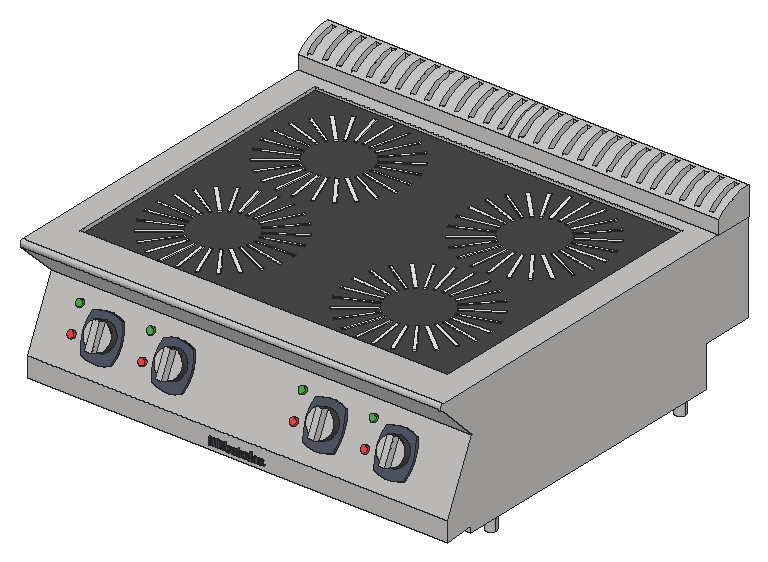
Revit family "QF_ELECTROLUXPROFESSIONAL_371176_E7INEH400P", category Specialty Equipment, Revit 2018
Family settings
  Round Connector Dimension = Use Diameter
  Part Type = Normal
  Work Plane-Based = No
  Always vertical = Yes
  Cut with Voids When Loaded = No
  Shared = No
  Room Calculation Point = No
Parameters
  Width = 800 mm  # constant formula
  Weight in Pounds = 88  # constant formula
  Watts = 20000 VA  # 20000 W
  Volts = 400 V  # constant formula
  URL Cutsheet = "www.electrolux.com/foodservice"
  URL = "www.electrolux.com/foodservice"
  Type Mark [instance] = ""
  Status [instance] = ""
  Specification by User [instance] = ""
  Specification by Manufacturer = ""
  Show Logo [instance] = yes
  Show Clearance [instance] = yes
  Serial Number = ""
  Seismic Rating = ""
  SMACNA No = ""
  Revision Code [instance] = ""
  Phase = 3  # constant formula
  Omniclass Number and Title = ""
  Number of Poles [instance] = 1
  NAFEM Spec ID Number = ""
  Model = "371176"
  Min Ckt Ampacity = 0 A
  Max Overcurrent Protection = 0 A
  Masterspec = ""
  Manufacturer = "ELECTROLUX"
  Item Number [instance] = ""
  Installed By [instance] = ""
  Identify Quantity as Lot [instance] = yes
  Height = 332 mm  # constant formula
  HP = "26.8 HP"
  Furnished By [instance] = ""
  Foodservice Equipment Identifier [instance] = yes
  FL Amps = if(Phase = 3, Watts / (Volts * 1.73), Watts / Volts)  # 28.9017 A
  Electrical Remarks [instance] = "400 V/3 ph/50/60 Hz"  # constant formula
  Electric Connection Type [instance] = ""
  Elec Conn RI Height [instance] = 0 mm
  Elec Conn Connection Height [instance] = 0 mm
  Direct Waste Size = 0"
  Description = "700XP 4 Zone Hot Plate Electric Induction Cooking Top HP - 400V"
  Depth = 730 mm  # constant formula
  Cycle = if([60 Hertz Option], 60 Hz, 50 Hz)  # 60 Hz
  Conn Plug = ""
  Conn Conduit = yes
  CSI MasterFormat = ""
  CSI Master Format = ""
  Base Height [instance] = 24 mm  # constant formula
  Apparent Power = if(Phase = 3, Volts * FL Amps * 1.73, Volts * FL Amps)  # 20000 VA
  60 Hertz Option = not([50 Hertz Option])  # yes
  50 Hertz Option = no
Reference planes
  plane 1 "BACK": y = 0
  plane 2: z = 0
  plane 3 "LEFT": x = 0
  plane 4 "RIGHT": x = 800
  plane 5 "FRONT": y = -730
  plane 6 "TOP": z = 332
  plane 7 "Center Y": x = 400
  plane 8 "Center X": y = -365
  plane 9 "BASE": z = 24
  plane 10 "TOP A": z = 273.238
  plane 11: y = -597.884
  plane 12: y = -147.637
Forms (mm)
  Extrusion 1, solid, material "QF_Finishes_Stainless Steel"
    sketch origin (0, 0, 0) x (0, 1, 0) y (0, 0, 1)
      loop
        line (0, 273.237) -> (-725.027, 273.237)
        arc (-725.027, 273.237) -> (-730.893, 269.318) -> (-729.517, 262.397) r 6.35
        line (-729.517, 262.397) -> (-657.416, 190.047) -> (-713.522, 69.19) -> (-713.522, 31.09) -> (-660.4, 36.7) -> (-660.4, 24) -> (-101.6, 24) -> (-101.6, 101.788) -> (0, 101.788) -> (0, 273.237)
    from 0 to 800
  Extrusion 2, void
    sketch origin (0, 0, 273.238) x (-1, 0, 0) y (0, -1, 0)
      loop
        line (-50, 93.262) -> (-50, 653.262) -> (-750, 653.262) -> (-750, 93.262) -> (-50, 93.262)
    from 0 to -6.35
  Extrusion 3, solid, material "QF_Finishes_Stainless Steel"
    sketch origin (0, 0, 0) x (1, 0, 0) y (0, 1, 0)
      loop
        circle (11.112, -147.638) r 9.525
      loop
        circle (11.112, -597.884) r 9.525
      loop
        circle (788.887, -147.638) r 9.525
      loop
        circle (788.887, -597.884) r 9.525
    from 0 to 24
  Extrusion 4, solid, material "QF_Finishes_Stainless Steel"
    sketch origin (0, -101.6, 101.788) x (0, 0, -1) y (-1, 0, 0)
      loop
        circle (43.882, -736.5) r 12.7
    from 0 to 12.7
  Extrusion 5, solid, material "QF_Finishes_Clearance", visible <- "Show Clearance", detail levels coarse
    sketch origin (0, 0, 0) x (1, 0, 0) y (0, 1, 0)
      loop
        line (0, -731.377) -> (0, 0) -> (800, 0) -> (800, -731.377) -> (950.019, -731.377) -> (950.019, 150.019) -> (-150.019, 150.019) -> (-150.019, -731.377) -> (0, -731.377)
    from 0 to 332
  Extrusion 6, solid, material "QF_Finishes_Navy Blue", visible <- "Show Logo"
    sketch origin (57.747, -713.772, 32.49) x (0, 0, 1) y (-1, 0, 0)
      loop
        line (20.674, -296.698) -> (8.307, -296.698)
        arc (8.307, -296.698) -> (14.491, -301.27) -> (20.674, -296.698) r 6.467
      loop
        arc (20.674, -296.069) -> (19.505, -290.926) -> (14.849, -288.448) r 6.338
        line (14.849, -288.448) -> (14.849, -290.494)
        arc (14.849, -290.494) -> (16.333, -294.149) -> (19.778, -296.069) r 5.941
        line (19.778, -296.069) -> (20.674, -296.069)
      loop
        arc (9.203, -296.069) -> (12.648, -294.149) -> (14.132, -290.494) r 5.941
        line (14.132, -290.494) -> (14.132, -288.448)
        arc (14.132, -288.448) -> (9.438, -290.922) -> (8.148, -296.069) r 6.504
        line (8.148, -296.069) -> (9.203, -296.069)
      loop
        line (21.349, -287.979) -> (7.604, -287.979) -> (7.604, -301.742) -> (21.349, -301.742) -> (21.349, -287.979)
      loop
        arc (21.432, -304.71) -> (21.085, -304.352) -> (20.718, -304.69) r 0.358
        arc (20.718, -304.69) -> (20.404, -305.44) -> (19.687, -305.825) r 1.216
        line (19.687, -305.825) -> (9.274, -305.825)
        arc (9.274, -305.825) -> (8.614, -305.548) -> (8.218, -304.951) r 1.238
        arc (8.218, -304.951) -> (7.823, -304.7) -> (7.518, -305.054) r 0.358
        line (7.518, -305.054) -> (7.518, -314.933) -> (10.269, -314.933) -> (10.269, -314.036)
        arc (10.269, -314.036) -> (9.36, -313.456) -> (8.904, -312.479) r 1.928
        line (8.904, -312.479) -> (8.904, -309.98)
        arc (8.904, -309.98) -> (9.18, -309.251) -> (9.868, -308.887) r 1.101
        line (9.868, -308.887) -> (13.955, -308.887) -> (13.955, -312.561)
        arc (13.955, -312.561) -> (13.602, -313.058) -> (13.037, -313.286) r 1.083
        arc (13.037, -313.286) -> (12.773, -313.591) -> (13.065, -313.869) r 0.292
        line (13.065, -313.869) -> (16.028, -313.869)
        arc (16.028, -313.869) -> (16.33, -313.596) -> (16.092, -313.266) r 0.305
        arc (16.092, -313.266) -> (15.601, -313.018) -> (15.296, -312.561) r 1.083
        line (15.296, -312.561) -> (15.296, -308.887) -> (19.973, -308.887) -> (19.973, -312.635)
        arc (19.973, -312.635) -> (19.759, -313.39) -> (19.153, -313.888) r 1.314
        arc (19.153, -313.888) -> (18.934, -314.292) -> (19.288, -314.585) r 0.361
        line (19.288, -314.585) -> (21.432, -314.585) -> (21.432, -304.71)
      loop
        arc (20.715, -315.365) -> (20.335, -316.284) -> (19.416, -316.664) r 1.299
        line (19.416, -316.664) -> (9.837, -316.664)
        arc (9.837, -316.664) -> (8.999, -316.286) -> (8.728, -315.408) r 1.118
        line (8.728, -315.408) -> (7.518, -315.408) -> (7.518, -320.758) -> (8.706, -320.758)
        arc (8.706, -320.758) -> (8.978, -319.841) -> (9.848, -319.445) r 1.153
        line (9.848, -319.445) -> (21.92, -319.445) -> (20.715, -315.365)
      loop
        line (12.483, -323.394) -> (12.483, -329.842) -> (13.282, -329.842)
        arc (13.282, -329.842) -> (15.862, -328.857) -> (17.131, -326.404) r 3.874
        line (17.131, -326.404) -> (17.131, -324.643)
        arc (17.131, -324.643) -> (15.944, -321.778) -> (13.08, -320.592) r 4.051
        line (13.08, -320.592) -> (11.072, -320.592)
        arc (11.072, -320.592) -> (8.253, -322.077) -> (7.202, -325.084) r 4.352
        arc (7.202, -325.084) -> (7.566, -327.547) -> (8.943, -329.621) r 5.713
        line (8.943, -329.621) -> (9.892, -329.621)
        arc (9.892, -329.621) -> (9.16, -328.052) -> (8.943, -326.334) r 5.579
        arc (8.943, -326.334) -> (9.737, -324.371) -> (11.616, -323.394) r 3.057
        line (11.616, -323.394) -> (12.483, -323.394)
      loop
        line (13.742, -323.394) -> (13.742, -326.977)
        arc (13.742, -326.977) -> (15.199, -327.024) -> (16.082, -325.864) r 1.59
        line (16.082, -325.864) -> (16.082, -325.034)
        arc (16.082, -325.034) -> (15.217, -323.779) -> (13.742, -323.394) r 2.184
      loop
        arc (16.533, -339.259) -> (17.022, -337.585) -> (17.179, -335.848) r 9.023
        line (17.179, -335.848) -> (17.179, -334.486)
        arc (17.179, -334.486) -> (16.02, -331.686) -> (13.22, -330.527) r 3.959
        line (13.22, -330.527) -> (10.62, -330.527)
        arc (10.62, -330.527) -> (8.338, -331.819) -> (7.221, -334.192) r 4.331
        line (7.221, -334.192) -> (7.221, -336.327)
        arc (7.221, -336.327) -> (7.729, -337.877) -> (8.651, -339.223) r 5.772
        arc (8.651, -339.223) -> (9.412, -339.274) -> (9.499, -338.515) r 0.553
        arc (9.499, -338.515) -> (9.111, -337.781) -> (8.977, -336.962) r 2.573
        line (8.977, -336.962) -> (8.977, -335.447)
        arc (8.977, -335.447) -> (9.983, -333.806) -> (11.798, -333.163) r 2.884
        line (11.798, -333.163) -> (13.077, -333.163)
        arc (13.077, -333.163) -> (14.898, -333.723) -> (15.824, -335.388) r 2.554
        line (15.824, -335.388) -> (15.824, -336.441)
        arc (15.824, -336.441) -> (15.493, -337.369) -> (14.836, -338.104) r 2.564
        arc (14.836, -338.104) -> (14.614, -338.821) -> (15.223, -339.259) r 0.643
        line (15.223, -339.259) -> (16.533, -339.259)
      loop
        line (15.515, -339.53) -> (15.515, -341.031) -> (9.467, -341.031)
        arc (9.467, -341.031) -> (7.879, -341.688) -> (7.221, -343.276) r 2.246
        line (7.221, -343.276) -> (7.221, -344.86)
        arc (7.221, -344.86) -> (7.535, -345.725) -> (8.035, -346.496) r 4.06
        arc (8.035, -346.496) -> (8.768, -346.629) -> (9.019, -345.928) r 0.576
        arc (9.019, -345.928) -> (8.913, -345.403) -> (8.977, -344.87) r 1.69
        arc (8.977, -344.87) -> (9.519, -344.082) -> (10.425, -343.779) r 1.506
        line (10.425, -343.779) -> (15.563, -343.779) -> (15.563, -346.176) -> (16.119, -346.733) -> (16.941, -346.733) -> (16.941, -343.873) -> (20.172, -343.873) -> (15.515, -339.53)
      loop
        line (7.438, -347.63) -> (7.438, -353.017) -> (8.548, -353.017)
        arc (8.548, -353.017) -> (8.942, -352.066) -> (9.893, -351.672) r 1.345
        line (9.893, -351.672) -> (13.509, -351.672)
        arc (13.509, -351.672) -> (14.274, -352.264) -> (14.564, -353.186) r 1.615
        line (14.564, -353.186) -> (14.564, -354.742) -> (17.119, -355.427) -> (17.119, -354.044) -> (15.177, -351.485) -> (17.057, -351.485) -> (16.773, -348.779)
        arc (16.773, -348.779) -> (16.333, -348.249) -> (15.674, -348.45) r 0.621
        arc (15.674, -348.45) -> (15.274, -348.792) -> (14.78, -348.975) r 1.501
        line (14.78, -348.975) -> (9.893, -348.975)
        arc (9.893, -348.975) -> (8.942, -348.581) -> (8.548, -347.63) r 1.345
        line (8.548, -347.63) -> (7.438, -347.63)
      loop
        line (13.54, -354.964) -> (10.848, -354.964)
        arc (10.848, -354.964) -> (8.403, -356.272) -> (7.269, -358.803) r 4.288
        arc (7.269, -358.803) -> (7.205, -360.183) -> (7.269, -361.563) r 15.022
        arc (7.269, -361.563) -> (8.403, -364.094) -> (10.848, -365.401) r 4.288
        line (10.848, -365.401) -> (13.54, -365.401)
        arc (13.54, -365.401) -> (15.986, -364.094) -> (17.119, -361.563) r 4.288
        arc (17.119, -361.563) -> (17.183, -360.183) -> (17.119, -358.803) r 15.022
        arc (17.119, -358.803) -> (15.986, -356.272) -> (13.54, -354.964) r 4.288
      loop
        line (13.745, -358.078) -> (10.643, -358.078)
        arc (10.643, -358.078) -> (8.486, -360.235) -> (10.643, -362.392) r 2.157
        line (10.643, -362.392) -> (13.745, -362.392)
        arc (13.745, -362.392) -> (15.902, -360.235) -> (13.745, -358.078) r 2.157
      loop
        arc (20.726, -365.26) -> (20.355, -366.154) -> (19.461, -366.524) r 1.264
        line (19.461, -366.524) -> (9.597, -366.524)
        arc (9.597, -366.524) -> (8.727, -366.127) -> (8.455, -365.211) r 1.153
        line (8.455, -365.211) -> (7.518, -365.211) -> (7.518, -370.319) -> (8.446, -370.319)
        arc (8.446, -370.319) -> (8.805, -369.547) -> (9.597, -369.232) r 1.153
        line (9.597, -369.232) -> (21.92, -369.232) -> (20.726, -365.26)
      loop
        arc (15.846, -369.857) -> (15.647, -370.921) -> (14.678, -371.403) r 1.215
        line (14.678, -371.403) -> (9.658, -371.403)
        arc (9.658, -371.403) -> (8.043, -372.051) -> (7.322, -373.634) r 2.338
        line (7.322, -373.634) -> (7.322, -375.148)
        arc (7.322, -375.148) -> (7.497, -376.152) -> (7.999, -377.038) r 2.979
        line (7.999, -377.038) -> (7.518, -378.835) -> (7.518, -380.524) -> (16.943, -380.524) -> (16.649, -376.32) -> (15.863, -376.32)
        arc (15.863, -376.32) -> (15.507, -377.156) -> (14.755, -377.665) r 1.605
        line (14.755, -377.665) -> (9.652, -377.665)
        arc (9.652, -377.665) -> (9.232, -376.728) -> (9.159, -375.704) r 2.94
        arc (9.159, -375.704) -> (9.72, -374.603) -> (10.873, -374.16) r 1.724
        line (10.873, -374.16) -> (17.07, -374.16) -> (15.846, -369.857)
      loop
        line (16.874, -381.377) -> (15.202, -383.423) -> (12.028, -385.729) -> (8.572, -382.617)
        arc (8.572, -382.617) -> (8.335, -382.223) -> (8.357, -381.764) r 0.789
        line (8.357, -381.764) -> (7.518, -381.764) -> (7.518, -385.309) -> (8.344, -385.309)
        arc (8.344, -385.309) -> (8.686, -384.947) -> (9.176, -385.039) r 0.52
        line (9.176, -385.039) -> (10.976, -386.51) -> (8.858, -387.886)
        arc (8.858, -387.886) -> (8.457, -387.576) -> (8.37, -387.076) r 0.7
        line (8.37, -387.076) -> (7.518, -387.076) -> (7.518, -393.003) -> (8.405, -393.003)
        arc (8.405, -393.003) -> (8.472, -392.344) -> (8.866, -391.813) r 1.247
        line (8.866, -391.813) -> (13.066, -388.532) -> (15.513, -390.585) -> (16.874, -392.327) -> (16.874, -388.604) -> (15.389, -389.026) -> (13.868, -387.749) -> (15.568, -386.559) -> (16.874, -387.336) -> (16.874, -381.377)
    from 0 to 1.644
  Extrusion 7, solid, material "QF_Finishes_Navy Blue"
    sketch origin (840.325, -713.522, 69.19) x (0, 0.421077, 0.907025) y (-1, 0, 0)
      loop
        arc (101.077, 132.565) -> (107.792, 161.14) -> (101.077, 189.715) r 64.16
        arc (101.077, 189.715) -> (66.2, 196.736) -> (31.333, 189.671) r 89.853
        arc (31.333, 189.671) -> (24.638, 161.14) -> (31.333, 132.61) r 64.14
        arc (31.333, 132.61) -> (66.2, 125.548) -> (101.077, 132.565) r 89.894
      loop
        arc (101.077, 267.565) -> (107.792, 296.14) -> (101.077, 324.715) r 64.16
        arc (101.077, 324.715) -> (66.2, 331.736) -> (31.333, 324.671) r 89.853
        arc (31.333, 324.671) -> (24.638, 296.14) -> (31.333, 267.61) r 64.14
        arc (31.333, 267.61) -> (66.2, 260.548) -> (101.077, 267.565) r 89.894
      loop
        arc (101.077, 748.085) -> (66.2, 755.102) -> (31.333, 748.04) r 89.894
        arc (31.333, 748.04) -> (24.638, 719.51) -> (31.333, 690.979) r 64.14
        arc (31.333, 690.979) -> (66.2, 683.914) -> (101.077, 690.935) r 89.853
        arc (101.077, 690.935) -> (107.792, 719.51) -> (101.077, 748.085) r 64.16
      loop
        arc (101.077, 613.085) -> (66.2, 620.102) -> (31.333, 613.04) r 89.894
        arc (31.333, 613.04) -> (24.638, 584.51) -> (31.333, 555.979) r 64.14
        arc (31.333, 555.979) -> (66.2, 548.914) -> (101.077, 555.935) r 89.853
        arc (101.077, 555.935) -> (107.792, 584.51) -> (101.077, 613.085) r 64.16
    from 0 to 3.175
  Extrusion 8, solid, material "QF_Finishes_Stainless Steel"
    sketch origin (840.325, -716.402, 70.527) x (0, 0.421077, 0.907025) y (-1, 0, 0)
      loop
        circle (68.826, 160.963) r 25.4
      loop
        circle (68.826, 295.963) r 25.4
      loop
        circle (68.826, 584.332) r 25.4
      loop
        circle (68.826, 719.332) r 25.4
    from 0 to 12.7
  Extrusion 9, solid, material "QF_Finishes_Stainless Steel"
    sketch origin (840.325, -727.921, 75.875) x (0, 0.421077, 0.907025) y (-1, 0, 0)
      loop
        line (93.558, 166.749) -> (44.094, 166.749)
        arc (44.094, 166.749) -> (43.426, 160.963) -> (44.094, 155.177) r 25.4
        line (44.094, 155.177) -> (93.558, 155.177)
        arc (93.558, 155.177) -> (94.226, 160.963) -> (93.558, 166.749) r 25.4
      loop
        line (93.558, 301.749) -> (44.094, 301.749)
        arc (44.094, 301.749) -> (43.426, 295.963) -> (44.094, 290.177) r 25.4
        line (44.094, 290.177) -> (93.558, 290.177)
        arc (93.558, 290.177) -> (94.226, 295.963) -> (93.558, 301.749) r 25.4
      loop
        line (93.558, 590.119) -> (44.094, 590.119)
        arc (44.094, 590.119) -> (43.426, 584.332) -> (44.094, 578.546) r 25.4
        line (44.094, 578.546) -> (93.558, 578.546)
        arc (93.558, 578.546) -> (94.226, 584.332) -> (93.558, 590.119) r 25.4
      loop
        line (93.558, 725.119) -> (44.094, 725.119)
        arc (44.094, 725.119) -> (43.426, 719.332) -> (44.094, 713.546) r 25.4
        line (44.094, 713.546) -> (93.558, 713.546)
        arc (93.558, 713.546) -> (94.226, 719.332) -> (93.558, 725.119) r 25.4
    from 0 to 12.7
  Extrusion 10, solid, material "QF_Finishes_Green"
    sketch origin (463.369, -709.311, 78.261) x (0, 0.421077, 0.907025) y (-1, 0, 0)
      loop
        circle (93.566, -160.648) r 6.35
      loop
        circle (93.566, -25.648) r 6.35
      loop
        circle (93.566, 262.721) r 6.35
      loop
        circle (93.566, 397.721) r 6.35
    from 0 to 3.175
  Extrusion 11, solid, material "QF_Finishes_Red"
    sketch origin (463.369, -719.312, 56.719) x (0, 0.421077, 0.907025) y (-1, 0, 0)
      loop
        circle (68.272, -160.648) r 6.4
      loop
        circle (68.272, -25.648) r 6.4
      loop
        circle (68.272, 262.721) r 6.4
      loop
        circle (68.272, 397.721) r 6.4
    from 0 to 3.175
  Extrusion 12, solid, material "QF_Finishes_Stainless Steel"
    sketch origin (0, 0, -577) x (0, 1, 0) y (0, 0, 1)
      loop
        line (0, 850.237) -> (0, 905.237)
        arc (0, 905.237) -> (-38.078, 897.879) -> (-69.85, 875.637) r 93.057
        line (-69.85, 875.637) -> (-69.85, 850.237) -> (0, 850.237)
    from 0 to 800.1
  Extrusion 13, void
    sketch origin (744.415, 0, 273.238) x (1, 0, 0) y (0, 1, 0)
      loop
        line (42.232, -6.761) -> (32.936, -6.761) -> (32.936, -63.911) -> (42.232, -63.911) -> (42.232, -6.761)
      loop
        line (14.389, -6.761) -> (5.094, -6.761) -> (5.094, -63.911) -> (14.389, -63.911) -> (14.389, -6.761)
      loop
        line (-13.453, -6.761) -> (-22.749, -6.761) -> (-22.749, -63.911) -> (-13.453, -63.911) -> (-13.453, -6.761)
      loop
        line (-41.295, -6.761) -> (-50.591, -6.761) -> (-50.591, -63.911) -> (-41.295, -63.911) -> (-41.295, -6.761)
      loop
        line (-69.137, -6.761) -> (-78.433, -6.761) -> (-78.433, -63.911) -> (-69.137, -63.911) -> (-69.137, -6.761)
      loop
        line (-96.98, -6.761) -> (-106.275, -6.761) -> (-106.275, -63.911) -> (-96.98, -63.911) -> (-96.98, -6.761)
      loop
        line (-124.822, -6.761) -> (-134.118, -6.761) -> (-134.118, -63.911) -> (-124.822, -63.911) -> (-124.822, -6.761)
      loop
        line (-152.664, -6.761) -> (-161.96, -6.761) -> (-161.96, -63.911) -> (-152.664, -63.911) -> (-152.664, -6.761)
      loop
        line (-180.507, -6.761) -> (-189.802, -6.761) -> (-189.802, -63.911) -> (-180.507, -63.911) -> (-180.507, -6.761)
      loop
        line (-208.349, -6.761) -> (-217.645, -6.761) -> (-217.645, -63.911) -> (-208.349, -63.911) -> (-208.349, -6.761)
      loop
        line (-236.191, -6.761) -> (-245.487, -6.761) -> (-245.487, -63.911) -> (-236.191, -63.911) -> (-236.191, -6.761)
      loop
        line (-264.034, -6.761) -> (-273.329, -6.761) -> (-273.329, -63.911) -> (-264.034, -63.911) -> (-264.034, -6.761)
      loop
        line (-359.717, -6.761) -> (-369.013, -6.761) -> (-369.013, -63.911) -> (-359.717, -63.911) -> (-359.717, -6.761)
      loop
        line (-387.559, -6.761) -> (-396.855, -6.761) -> (-396.855, -63.911) -> (-387.559, -63.911) -> (-387.559, -6.761)
      loop
        line (-415.401, -6.761) -> (-424.697, -6.761) -> (-424.697, -63.911) -> (-415.401, -63.911) -> (-415.401, -6.761)
      loop
        line (-443.244, -6.761) -> (-452.539, -6.761) -> (-452.539, -63.911) -> (-443.244, -63.911) -> (-443.244, -6.761)
      loop
        line (-471.086, -6.761) -> (-480.382, -6.761) -> (-480.382, -63.911) -> (-471.086, -63.911) -> (-471.086, -6.761)
      loop
        line (-498.928, -6.761) -> (-508.224, -6.761) -> (-508.224, -63.911) -> (-498.928, -63.911) -> (-498.928, -6.761)
      loop
        line (-526.771, -6.761) -> (-536.066, -6.761) -> (-536.066, -63.911) -> (-526.771, -63.911) -> (-526.771, -6.761)
      loop
        line (-554.613, -6.761) -> (-563.909, -6.761) -> (-563.909, -63.911) -> (-554.613, -63.911) -> (-554.613, -6.761)
      loop
        line (-582.455, -6.761) -> (-591.751, -6.761) -> (-591.751, -63.911) -> (-582.455, -63.911) -> (-582.455, -6.761)
      loop
        line (-610.298, -6.761) -> (-619.593, -6.761) -> (-619.593, -63.911) -> (-610.298, -63.911) -> (-610.298, -6.761)
      loop
        line (-638.14, -6.761) -> (-647.436, -6.761) -> (-647.436, -63.911) -> (-638.14, -63.911) -> (-638.14, -6.761)
      loop
        line (-665.982, -6.761) -> (-675.278, -6.761) -> (-675.278, -63.911) -> (-665.982, -63.911) -> (-665.982, -6.761)
      loop
        line (-693.825, -6.761) -> (-703.12, -6.761) -> (-703.12, -63.911) -> (-693.825, -63.911) -> (-693.825, -6.761)
      loop
        line (-721.667, -6.761) -> (-730.963, -6.761) -> (-730.963, -63.911) -> (-721.667, -63.911) -> (-721.667, -6.761)
      loop
        line (-291.876, -6.761) -> (-301.172, -6.761) -> (-301.172, -63.911) -> (-291.876, -63.911) -> (-291.876, -6.761)
      loop
        line (-319.718, -6.761) -> (-329.014, -6.761) -> (-329.014, -63.911) -> (-319.718, -63.911) -> (-319.718, -6.761)
    from 25.4 to 63.5
  Extrusion 14, void
    sketch origin (418.151, 0, 273.238) x (1, 0, 0) y (0, 1, 0)
      loop
        line (-16.513, 0) -> (-19.688, 0) -> (-19.688, -69.85) -> (-16.513, -69.85) -> (-16.513, 0)
    from 25.4 to 63.5
Cuts and joins
  Extrusion 2, Extrusion 13, Extrusion 14 cuts Extrusion 1
  Extrusion 13 cuts Extrusion 5
  Extrusion 13, Extrusion 14 cuts Extrusion 12
Lines and regions (mm)
  symbolic lines, style "QF-Clearances", visible <- "Show Clearance", detail levels coarse
    curve 1: line (-150.019, 150.019, 273.238) -> (-150.019, -731.377, 273.238)
    curve 2: line (950.019, 150.019, 273.237) -> (-150.019, 150.019, 273.238)
    curve 3: line (950.019, -731.377, 273.237) -> (950.019, 150.019, 273.237)
  symbolic lines
    curve 4: line (0, 0, 273.238) -> (800, 0, 273.237)
    curve 5: line (0, -730, 273.238) -> (0, 0, 273.238)
    curve 6: line (800, 0, 273.237) -> (800, -730, 273.237)
    curve 7: line (231.725, -69.85, 273.237) -> (0, -69.85, 273.238)
    curve 8: line (0, -69.85, 273.238) -> (0, -120.65, 273.238)
    curve 9: line (0, -69.85, 273.238) -> (398.578, -69.85, 273.237)
    curve 10: line (800, -730, 273.237) -> (0, -730, 273.238)
    curve 11: line (726.512, -356.903, 266.887) -> (738.006, -356.903, 266.887)
    curve 12: line (726.512, -389.159, 266.887) -> (726.512, -356.903, 266.887)
    curve 13: line (738.006, -389.159, 266.887) -> (726.512, -389.159, 266.887)
    curve 14: line (738.006, -356.903, 266.887) -> (738.006, -389.159, 266.887)
    curve 15: line (50, -653.262, 266.888) -> (50, -93.262, 266.888)
    curve 16: line (50, -93.262, 266.888) -> (750, -93.262, 266.887)
    curve 17: line (750, -93.262, 266.887) -> (750, -653.262, 266.887)
    curve 18: line (750, -653.262, 266.887) -> (50, -653.262, 266.888)
    curve 19: line (13.453, -63.911, 266.888) -> (13.453, -6.761, 266.888)
    curve 20: line (13.453, -6.761, 266.888) -> (22.749, -6.761, 266.888)
    curve 21: line (22.749, -6.761, 266.888) -> (22.749, -63.911, 266.888)
    curve 22: line (22.749, -63.911, 266.888) -> (13.453, -63.911, 266.888)
    curve 23: line (375.403, -63.911, 266.887) -> (375.403, -6.761, 266.887)
    curve 24: line (375.403, -6.761, 266.887) -> (384.699, -6.761, 266.887)
    curve 25: line (384.699, -6.761, 266.887) -> (384.699, -63.911, 266.887)
    curve 26: line (384.699, -63.911, 266.887) -> (375.403, -63.911, 266.887)
    curve 27: line (41.295, -63.911, 266.888) -> (41.295, -6.761, 266.888)
    curve 28: line (41.295, -6.761, 266.888) -> (50.591, -6.761, 266.888)
    curve 29: line (50.591, -6.761, 266.888) -> (50.591, -63.911, 266.888)
    curve 30: line (50.591, -63.911, 266.888) -> (41.295, -63.911, 266.888)
    curve 31: line (69.137, -63.911, 266.888) -> (69.137, -6.761, 266.888)
    curve 32: line (69.137, -6.761, 266.888) -> (78.433, -6.761, 266.888)
    curve 33: line (78.433, -6.761, 266.888) -> (78.433, -63.911, 266.888)
    curve 34: line (78.433, -63.911, 266.888) -> (69.137, -63.911, 266.888)
    curve 35: line (96.98, -63.911, 266.888) -> (96.98, -6.761, 266.888)
    curve 36: line (96.98, -6.761, 266.888) -> (106.275, -6.761, 266.888)
    curve 37: line (106.275, -6.761, 266.888) -> (106.275, -63.911, 266.888)
    curve 38: line (106.275, -63.911, 266.888) -> (96.98, -63.911, 266.888)
    curve 39: line (124.822, -63.911, 266.888) -> (124.822, -6.761, 266.888)
    curve 40: line (124.822, -6.761, 266.888) -> (134.118, -6.761, 266.888)
    curve 41: line (134.118, -6.761, 266.888) -> (134.118, -63.911, 266.888)
    curve 42: line (134.118, -63.911, 266.888) -> (124.822, -63.911, 266.888)
    curve 43: line (152.664, -63.911, 266.888) -> (152.664, -6.761, 266.888)
    curve 44: line (152.664, -6.761, 266.888) -> (161.96, -6.761, 266.888)
    curve 45: line (161.96, -6.761, 266.888) -> (161.96, -63.911, 266.888)
    curve 46: line (161.96, -63.911, 266.888) -> (152.664, -63.911, 266.888)
    curve 47: line (180.507, -63.911, 266.888) -> (180.507, -6.761, 266.888)
    curve 48: line (180.507, -6.761, 266.888) -> (189.802, -6.761, 266.888)
    curve 49: line (189.802, -6.761, 266.888) -> (189.802, -63.911, 266.888)
    curve 50: line (189.802, -63.911, 266.888) -> (180.507, -63.911, 266.888)
    curve 51: line (208.349, -63.911, 266.888) -> (208.349, -6.761, 266.888)
    curve 52: line (208.349, -6.761, 266.888) -> (217.645, -6.761, 266.888)
    curve 53: line (217.645, -6.761, 266.888) -> (217.645, -63.911, 266.888)
    curve 54: line (217.645, -63.911, 266.888) -> (208.349, -63.911, 266.888)
    curve 55: line (236.191, -63.911, 266.888) -> (236.191, -6.761, 266.888)
    curve 56: line (236.191, -6.761, 266.888) -> (245.487, -6.761, 266.888)
    curve 57: line (245.487, -6.761, 266.888) -> (245.487, -63.911, 266.888)
    curve 58: line (245.487, -63.911, 266.888) -> (236.191, -63.911, 266.888)
    curve 59: line (264.034, -63.911, 266.888) -> (264.034, -6.761, 266.888)
    curve 60: line (264.034, -6.761, 266.888) -> (273.329, -6.761, 266.888)
    curve 61: line (273.329, -6.761, 266.888) -> (273.329, -63.911, 266.888)
    curve 62: line (273.329, -63.911, 266.888) -> (264.034, -63.911, 266.888)
    curve 63: line (291.876, -63.911, 266.888) -> (291.876, -6.761, 266.888)
    curve 64: line (291.876, -6.761, 266.888) -> (301.172, -6.761, 266.888)
    curve 65: line (301.172, -6.761, 266.888) -> (301.172, -63.911, 266.888)
    curve 66: line (301.172, -63.911, 266.888) -> (291.876, -63.911, 266.888)
    curve 67: line (319.718, -63.911, 266.888) -> (319.718, -6.761, 266.888)
    curve 68: line (319.718, -6.761, 266.888) -> (329.014, -6.761, 266.888)
    curve 69: line (329.014, -6.761, 266.888) -> (329.014, -63.911, 266.888)
    curve 70: line (329.014, -63.911, 266.888) -> (319.718, -63.911, 266.888)
    curve 71: line (347.561, -63.911, 266.888) -> (347.561, -6.761, 266.888)
    curve 72: line (347.561, -6.761, 266.888) -> (356.856, -6.761, 266.888)
    curve 73: line (356.856, -6.761, 266.888) -> (356.856, -63.911, 266.888)
    curve 74: line (356.856, -63.911, 266.888) -> (347.561, -63.911, 266.888)
    curve 75: line (786.547, -63.911, 266.888) -> (786.547, -6.761, 266.888)
    curve 76: line (786.547, -6.761, 266.888) -> (777.251, -6.761, 266.888)
    curve 77: line (777.251, -6.761, 266.888) -> (777.251, -63.911, 266.888)
    curve 78: line (777.251, -63.911, 266.888) -> (786.547, -63.911, 266.888)
    curve 79: line (424.597, -63.911, 266.887) -> (424.597, -6.761, 266.887)
    curve 80: line (424.597, -6.761, 266.887) -> (415.301, -6.761, 266.887)
    curve 81: line (415.301, -6.761, 266.887) -> (415.301, -63.911, 266.887)
    curve 82: line (415.301, -63.911, 266.887) -> (424.597, -63.911, 266.887)
    curve 83: line (758.705, -63.911, 266.888) -> (758.705, -6.761, 266.888)
    curve 84: line (758.705, -6.761, 266.888) -> (749.409, -6.761, 266.888)
    curve 85: line (749.409, -6.761, 266.888) -> (749.409, -63.911, 266.888)
    curve 86: line (749.409, -63.911, 266.888) -> (758.705, -63.911, 266.888)
    curve 87: line (730.863, -63.911, 266.888) -> (730.863, -6.761, 266.888)
    curve 88: line (730.863, -6.761, 266.888) -> (721.567, -6.761, 266.888)
    curve 89: line (721.567, -6.761, 266.888) -> (721.567, -63.911, 266.888)
    curve 90: line (721.567, -63.911, 266.888) -> (730.863, -63.911, 266.888)
    curve 91: line (703.02, -63.911, 266.888) -> (703.02, -6.761, 266.888)
    curve 92: line (703.02, -6.761, 266.888) -> (693.725, -6.761, 266.888)
    curve 93: line (693.725, -6.761, 266.888) -> (693.725, -63.911, 266.888)
    curve 94: line (693.725, -63.911, 266.888) -> (703.02, -63.911, 266.888)
    curve 95: line (675.178, -63.911, 266.888) -> (675.178, -6.761, 266.888)
    curve 96: line (675.178, -6.761, 266.888) -> (665.882, -6.761, 266.888)
    curve 97: line (665.882, -6.761, 266.888) -> (665.882, -63.911, 266.888)
    curve 98: line (665.882, -63.911, 266.888) -> (675.178, -63.911, 266.888)
    curve 99: line (647.336, -63.911, 266.888) -> (647.336, -6.761, 266.888)
    curve 100: line (647.336, -6.761, 266.888) -> (638.04, -6.761, 266.888)
    curve 101: line (638.04, -6.761, 266.888) -> (638.04, -63.911, 266.888)
    curve 102: line (638.04, -63.911, 266.888) -> (647.336, -63.911, 266.888)
    curve 103: line (619.493, -63.911, 266.888) -> (619.493, -6.761, 266.888)
    curve 104: line (619.493, -6.761, 266.888) -> (610.198, -6.761, 266.888)
    curve 105: line (610.198, -6.761, 266.888) -> (610.198, -63.911, 266.888)
    curve 106: line (610.198, -63.911, 266.888) -> (619.493, -63.911, 266.888)
    curve 107: line (591.651, -63.911, 266.888) -> (591.651, -6.761, 266.888)
    curve 108: line (591.651, -6.761, 266.888) -> (582.355, -6.761, 266.888)
    curve 109: line (582.355, -6.761, 266.888) -> (582.355, -63.911, 266.888)
    curve 110: line (582.355, -63.911, 266.888) -> (591.651, -63.911, 266.888)
    curve 111: line (563.809, -63.911, 266.888) -> (563.809, -6.761, 266.888)
    curve 112: line (563.809, -6.761, 266.888) -> (554.513, -6.761, 266.888)
    curve 113: line (554.513, -6.761, 266.888) -> (554.513, -63.911, 266.888)
    curve 114: line (554.513, -63.911, 266.888) -> (563.809, -63.911, 266.888)
    curve 115: line (535.966, -63.911, 266.888) -> (535.966, -6.761, 266.888)
    curve 116: line (535.966, -6.761, 266.888) -> (526.671, -6.761, 266.888)
    curve 117: line (526.671, -6.761, 266.888) -> (526.671, -63.911, 266.888)
    curve 118: line (526.671, -63.911, 266.888) -> (535.966, -63.911, 266.888)
    curve 119: line (508.124, -63.911, 266.888) -> (508.124, -6.761, 266.888)
    curve 120: line (508.124, -6.761, 266.888) -> (498.828, -6.761, 266.888)
    curve 121: line (498.828, -6.761, 266.888) -> (498.828, -63.911, 266.888)
    curve 122: line (498.828, -63.911, 266.888) -> (508.124, -63.911, 266.888)
    curve 123: line (480.282, -63.911, 266.888) -> (480.282, -6.761, 266.888)
    curve 124: line (480.282, -6.761, 266.888) -> (470.986, -6.761, 266.888)
    curve 125: line (470.986, -6.761, 266.888) -> (470.986, -63.911, 266.888)
    curve 126: line (470.986, -63.911, 266.888) -> (480.282, -63.911, 266.888)
    curve 127: line (452.439, -63.911, 266.888) -> (452.439, -6.761, 266.888)
    curve 128: line (452.439, -6.761, 266.888) -> (443.144, -6.761, 266.888)
    curve 129: line (443.144, -6.761, 266.888) -> (443.144, -63.911, 266.888)
    curve 130: line (443.144, -63.911, 266.888) -> (452.439, -63.911, 266.888)
    curve 131: line (401.638, -69.85, 266.887) -> (401.638, 0, 266.887)
    curve 132: line (398.463, 0, 266.887) -> (398.463, -69.85, 266.887)
    curve 133: line (398.578, -69.85, 273.237) -> (800, -69.85, 273.237)
Dimensions and locks
  equal spacing: plane 3 "LEFT", plane 7 "Center Y", plane 4 "RIGHT"
  "Width": plane 3 "LEFT" to plane 4 "RIGHT"
  equal spacing: plane 5 "FRONT", plane 8 "Center X", plane 1 "BACK"
  "Depth": plane 5 "FRONT" to plane 1 "BACK"
  "Height": plane 6 "TOP" to level
  "Base Height": plane 9 "BASE" to level
  plane 1 "BACK" to plane 5 "FRONT" = 730 mm
  plane 10 "TOP A" to plane 9 "BASE" = 249.237 mm
  aligned and locked: level to plane 2
  aligned and locked: plane 4 "RIGHT" to Extrusion 1
  aligned and locked: Extrusion 3 to plane 9 "BASE"
  aligned and locked: plane 6 "TOP" to Extrusion 5
Automatic sketch dimensions
  Extrusion 1 sketch curve to plane 10 "TOP A" = 0 mm
  Extrusion 1 sketch curve to plane 9 "BASE" = 0 mm
  Extrusion 1 sketch curve to plane 1 "BACK" = 0 mm
  Extrusion 1 sketch curve to plane 12 = 46.038 mm
  plane 11 to Extrusion 1 sketch curve = 59.531 mm
  plane 9 "BASE" to Extrusion 1 sketch curve = 12.7 mm
  plane 11 to Extrusion 1 sketch curve = 62.516 mm
  Extrusion 1 sketch curve to plane 5 "FRONT" = 16.478 mm
  Extrusion 1 sketch curve to plane 5 "FRONT" = 4.973 mm
  Extrusion 1 sketch curve to plane 5 "FRONT" = 0.483 mm
  plane 9 "BASE" to Extrusion 1 sketch curve = 7.09 mm
  Extrusion 1 sketch curve to Extrusion 1 sketch curve = 38.1 mm
  plane 9 "BASE" to Extrusion 1 sketch curve = 77.788 mm
  Extrusion 1 sketch curve to plane 10 "TOP A" = 83.191 mm
  Extrusion 1 sketch curve to plane 10 "TOP A" = 10.84 mm
  Extrusion 2 sketch curve to plane 4 "RIGHT" = 50 mm
  plane 3 "LEFT" to Extrusion 2 sketch curve = 50 mm
  Extrusion 2 sketch curve to plane 12 = 54.376 mm
  plane 11 to Extrusion 2 sketch curve = 55.377 mm
  plane 11 to Extrusion 3 sketch curve = 0 mm  (x2)
  plane 12 to Extrusion 3 sketch curve = 0 mm  (x2)
  plane 3 "LEFT" to Extrusion 3 sketch curve = 11.112 mm  (x2)
  Extrusion 3 sketch curve to plane 4 "RIGHT" = 11.113 mm  (x2)
  Extrusion 1 to Extrusion 4 sketch curve = 33.906 mm
  Extrusion 1 to Extrusion 4 sketch curve = 63.5 mm
  plane 1 "BACK" to Extrusion 5 sketch curve = 0 mm
  Extrusion 5 sketch curve to plane 3 "LEFT" = 0 mm
  Extrusion 5 sketch curve to plane 4 "RIGHT" = 0 mm
  Extrusion 5 sketch curve to plane 3 "LEFT" = 150.019 mm
  plane 5 "FRONT" to Extrusion 5 sketch curve = 1.377 mm  (x2)
  plane 4 "RIGHT" to Extrusion 5 sketch curve = 150.019 mm
  Extrusion 5 sketch curve to plane 1 "BACK" = 150.019 mm
  curve 133 to plane 4 "RIGHT" = 0 mm
  plane 1 "BACK" to curve 4 = 0 mm
  curve 4 to plane 3 "LEFT" = 0 mm
  curve 7 to plane 3 "LEFT" = 0 mm
  plane 5 "FRONT" to curve 6 = 0 mm
  plane 4 "RIGHT" to curve 3 = 150.019 mm
  curve 133 to plane 7 "Center Y" = 1.422 mm
  plane 1 "BACK" to curve 7 = 69.85 mm
  curve 9 to curve 7 = 166.853 mm
  curve 2 to plane 3 "LEFT" = 150.019 mm
  curve 2 to plane 1 "BACK" = 150.019 mm
  curve 9 to curve 7 = 0 mm
  curve 8 to plane 12 = 26.988 mm
  plane 5 "FRONT" to curve 1 = 1.377 mm
  plane 5 "FRONT" to curve 3 = 1.377 mm
  curve 16 to Extrusion 2 = 0 mm  (x3)
  curve 15 to Extrusion 2 = 0 mm
  curve 13 to Extrusion 2 = 11.994 mm
  curve 13 to curve 12 = 11.495 mm
  curve 12 to Extrusion 2 = 263.642 mm
  curve 11 to curve 13 = 32.256 mm
  plane 9 "BASE" to Extrusion 6 sketch curve = 10.651 mm
  plane 9 "BASE" to Extrusion 6 sketch curve = 15.692 mm
  plane 7 "Center Y" to Extrusion 6 sketch curve = 2.606 mm
  plane 9 "BASE" to Extrusion 6 sketch curve = 15.711 mm
  Extrusion 6 sketch curve to Extrusion 6 sketch curve = 0 mm  (x28)
  Extrusion 6 sketch curve to Extrusion 6 sketch curve = 5.108 mm  (x2)
  Extrusion 6 sketch curve to Extrusion 6 sketch curve = 0.054 mm
  Extrusion 6 sketch curve to Extrusion 6 sketch curve = 0.218 mm
  Extrusion 6 sketch curve to Extrusion 6 sketch curve = 0.195 mm
  Extrusion 6 sketch curve to Extrusion 6 sketch curve = 0.249 mm
  plane 9 "BASE" to Extrusion 6 sketch curve = 16.008 mm
  Extrusion 6 sketch curve to Extrusion 6 sketch curve = 0.087 mm
  Extrusion 6 sketch curve to Extrusion 6 sketch curve = 0.358 mm
  Extrusion 6 sketch curve to Extrusion 6 sketch curve = 0.481 mm
  Extrusion 6 sketch curve to Extrusion 6 sketch curve = 0.597 mm
  Extrusion 6 sketch curve to Extrusion 6 sketch curve = 0.544 mm
  Extrusion 6 sketch curve to Extrusion 6 sketch curve = 0.936 mm
  Extrusion 6 sketch curve to Extrusion 6 sketch curve = 0.594 mm
  Extrusion 6 sketch curve to Extrusion 6 sketch curve = 0.343 mm
  Extrusion 6 sketch curve to Extrusion 6 sketch curve = 0.159 mm
  Extrusion 6 sketch curve to Extrusion 6 sketch curve = 0.826 mm
  Extrusion 6 sketch curve to Extrusion 6 sketch curve = 0.839 mm
  Extrusion 6 sketch curve to Extrusion 6 sketch curve = 0.852 mm
  Extrusion 6 sketch curve to Extrusion 6 sketch curve = 0.887 mm
  Extrusion 6 sketch curve to Extrusion 6 sketch curve = 0.928 mm
  Extrusion 6 sketch curve to Extrusion 6 sketch curve = 0.938 mm
  Extrusion 6 sketch curve to Extrusion 6 sketch curve = 0.444 mm
  Extrusion 6 sketch curve to Extrusion 6 sketch curve = 1.11 mm  (x3)
  Extrusion 6 sketch curve to Extrusion 6 sketch curve = 0.215 mm
  Extrusion 6 sketch curve to Extrusion 6 sketch curve = 1.43 mm
  Extrusion 6 sketch curve to Extrusion 6 sketch curve = 1.188 mm
  Extrusion 6 sketch curve to Extrusion 6 sketch curve = 1.21 mm  (x2)
  Extrusion 6 sketch curve to Extrusion 6 sketch curve = 0.503 mm
  Extrusion 6 sketch curve to Extrusion 6 sketch curve = 0.488 mm
  Extrusion 6 sketch curve to Extrusion 6 sketch curve = 0.462 mm
  Extrusion 6 sketch curve to Extrusion 6 sketch curve = 1.386 mm
  Extrusion 6 sketch curve to Extrusion 6 sketch curve = 1.742 mm  (x2)
  Extrusion 6 sketch curve to Extrusion 6 sketch curve = 0.821 mm
  Extrusion 6 sketch curve to Extrusion 6 sketch curve = 0.497 mm
  Extrusion 6 sketch curve to Extrusion 6 sketch curve = 0.539 mm
  Extrusion 6 sketch curve to Extrusion 6 sketch curve = 0.686 mm
  Extrusion 6 sketch curve to Extrusion 6 sketch curve = 0.408 mm
  Extrusion 6 sketch curve to Extrusion 6 sketch curve = 0.743 mm
  Extrusion 6 sketch curve to Extrusion 6 sketch curve = 1.16 mm
  Extrusion 6 sketch curve to Extrusion 6 sketch curve = 0.329 mm
  Extrusion 6 sketch curve to Extrusion 6 sketch curve = 1.054 mm
  Extrusion 6 sketch curve to Extrusion 6 sketch curve = 1.056 mm
  Extrusion 6 sketch curve to Extrusion 6 sketch curve = 0.129 mm
  Extrusion 6 sketch curve to Extrusion 6 sketch curve = 0.489 mm
  Extrusion 6 sketch curve to Extrusion 6 sketch curve = 0.441 mm
  Extrusion 6 sketch curve to Extrusion 6 sketch curve = 1.151 mm
  Extrusion 6 sketch curve to Extrusion 6 sketch curve = 1.141 mm  (x2)
  Extrusion 6 sketch curve to Extrusion 6 sketch curve = 0.768 mm
  Extrusion 6 sketch curve to Extrusion 6 sketch curve = 1.653 mm
  Extrusion 6 sketch curve to Extrusion 6 sketch curve = 0.499 mm
  Extrusion 6 sketch curve to Extrusion 6 sketch curve = 0.964 mm
  Extrusion 6 sketch curve to Extrusion 6 sketch curve = 0.949 mm
  Extrusion 6 sketch curve to Extrusion 6 sketch curve = 1.345 mm  (x2)
  Extrusion 6 sketch curve to Extrusion 6 sketch curve = 1.101 mm
  Extrusion 6 sketch curve to Extrusion 6 sketch curve = 0.432 mm
  Extrusion 6 sketch curve to Extrusion 6 sketch curve = 1.142 mm
  Extrusion 6 sketch curve to Extrusion 6 sketch curve = 0.959 mm
  Extrusion 6 sketch curve to Extrusion 6 sketch curve = 0.176 mm
  Extrusion 6 sketch curve to Extrusion 6 sketch curve = 0.728 mm
  Extrusion 6 sketch curve to Extrusion 6 sketch curve = 3.375 mm  (x2)
  Extrusion 6 sketch curve to Extrusion 6 sketch curve = 0.541 mm
  Extrusion 6 sketch curve to Extrusion 6 sketch curve = 0.955 mm
  Extrusion 6 sketch curve to Extrusion 6 sketch curve = 1.251 mm
  Extrusion 6 sketch curve to Extrusion 6 sketch curve = 0.572 mm
  Extrusion 6 sketch curve to Extrusion 6 sketch curve = 1.92 mm
  Extrusion 6 sketch curve to Extrusion 6 sketch curve = 1.224 mm
  Extrusion 6 sketch curve to Extrusion 6 sketch curve = 0.745 mm
  Extrusion 6 sketch curve to Extrusion 6 sketch curve = 2.537 mm
  Extrusion 6 sketch curve to Extrusion 6 sketch curve = 0.896 mm  (x3)
  Extrusion 6 sketch curve to Extrusion 6 sketch curve = 0.036 mm
  Extrusion 6 sketch curve to Extrusion 6 sketch curve = 2.607 mm
  Extrusion 6 sketch curve to Extrusion 6 sketch curve = 0.066 mm
  Extrusion 6 sketch curve to Extrusion 6 sketch curve = 0.248 mm
  Extrusion 6 sketch curve to Extrusion 6 sketch curve = 0.449 mm
  Extrusion 6 sketch curve to Extrusion 6 sketch curve = 1.052 mm
  Extrusion 6 sketch curve to Extrusion 6 sketch curve = 1.863 mm
  Extrusion 6 sketch curve to Extrusion 6 sketch curve = 1.31 mm  (x2)
  Extrusion 6 sketch curve to Extrusion 6 sketch curve = 0.901 mm
  Extrusion 6 sketch curve to Extrusion 6 sketch curve = 1.107 mm
  Extrusion 6 sketch curve to Extrusion 6 sketch curve = 2.122 mm
  Extrusion 6 sketch curve to Extrusion 6 sketch curve = 2.101 mm
  Extrusion 6 sketch curve to Extrusion 6 sketch curve = 0.106 mm
  Extrusion 6 sketch curve to Extrusion 6 sketch curve = 0.029 mm
  Extrusion 6 sketch curve to Extrusion 6 sketch curve = 2.09 mm
  Extrusion 6 sketch curve to Extrusion 6 sketch curve = 1.279 mm
  Extrusion 6 sketch curve to Extrusion 6 sketch curve = 2.008 mm
  Extrusion 6 sketch curve to Extrusion 6 sketch curve = 0.738 mm
  Extrusion 6 sketch curve to Extrusion 6 sketch curve = 0.382 mm
  Extrusion 6 sketch curve to Extrusion 6 sketch curve = 0.384 mm
  Extrusion 6 sketch curve to Extrusion 6 sketch curve = 0.002 mm
  Extrusion 6 sketch curve to Extrusion 6 sketch curve = 0.561 mm
  Extrusion 6 sketch curve to Extrusion 6 sketch curve = 0.592 mm
  Extrusion 6 sketch curve to Extrusion 6 sketch curve = 2.692 mm
  Extrusion 6 sketch curve to Extrusion 6 sketch curve = 1.259 mm
  Extrusion 6 sketch curve to Extrusion 6 sketch curve = 0.802 mm
  Extrusion 6 sketch curve to Extrusion 6 sketch curve = 1.024 mm  (x2)
  Extrusion 6 sketch curve to Extrusion 6 sketch curve = 0.682 mm
  Extrusion 6 sketch curve to Extrusion 6 sketch curve = 5.934 mm
  Extrusion 6 sketch curve to Extrusion 6 sketch curve = 2.186 mm
  Extrusion 6 sketch curve to Extrusion 6 sketch curve = 0.337 mm
  Extrusion 6 sketch curve to Extrusion 6 sketch curve = 0.021 mm
  Extrusion 6 sketch curve to Extrusion 6 sketch curve = 1.005 mm
  Extrusion 6 sketch curve to Extrusion 6 sketch curve = 0.552 mm
  Extrusion 6 sketch curve to Extrusion 6 sketch curve = 0.778 mm
  Extrusion 6 sketch curve to Extrusion 6 sketch curve = 0.063 mm
  Extrusion 6 sketch curve to Extrusion 6 sketch curve = 1.023 mm
  Extrusion 6 sketch curve to Extrusion 6 sketch curve = 3.804 mm
  Extrusion 6 sketch curve to Extrusion 6 sketch curve = 0.486 mm
  Extrusion 6 sketch curve to Extrusion 6 sketch curve = 0.266 mm  (x2)
  Extrusion 6 sketch curve to Extrusion 6 sketch curve = 1.547 mm
  Extrusion 6 sketch curve to Extrusion 6 sketch curve = 0.717 mm  (x2)
  Extrusion 6 sketch curve to Extrusion 6 sketch curve = 1.667 mm
  Extrusion 6 sketch curve to Extrusion 6 sketch curve = 3.174 mm
  Extrusion 6 sketch curve to Extrusion 6 sketch curve = 0.388 mm
  Extrusion 6 sketch curve to Extrusion 6 sketch curve = 1.342 mm
  Extrusion 6 sketch curve to Extrusion 6 sketch curve = 1.521 mm
  Extrusion 6 sketch curve to Extrusion 6 sketch curve = 0.124 mm
  Extrusion 6 sketch curve to Extrusion 6 sketch curve = 0.291 mm
  plane 7 "Center Y" to Extrusion 6 sketch curve = 3.923 mm
  Extrusion 6 sketch curve to Extrusion 6 sketch curve = 1.049 mm  (x2)
  Extrusion 6 sketch curve to Extrusion 6 sketch curve = 1.7 mm
  Extrusion 6 sketch curve to Extrusion 6 sketch curve = 0.894 mm
  Extrusion 6 sketch curve to Extrusion 6 sketch curve = 0.989 mm
  Extrusion 6 sketch curve to Extrusion 6 sketch curve = 1.168 mm
  Extrusion 6 sketch curve to Extrusion 6 sketch curve = 1.594 mm
  Extrusion 6 sketch curve to Extrusion 6 sketch curve = 0.731 mm
  Extrusion 6 sketch curve to Extrusion 6 sketch curve = 1.566 mm
  Extrusion 6 sketch curve to Extrusion 6 sketch curve = 0.064 mm
  plane 7 "Center Y" to Extrusion 6 sketch curve = 4.479 mm
  Extrusion 6 sketch curve to Extrusion 6 sketch curve = 0.556 mm  (x2)
  Extrusion 6 sketch curve to Extrusion 6 sketch curve = 0.48 mm
  Extrusion 6 sketch curve to Extrusion 6 sketch curve = 1.018 mm
  Extrusion 6 sketch curve to Extrusion 6 sketch curve = 0.787 mm
  Extrusion 6 sketch curve to Extrusion 6 sketch curve = 0.618 mm
  Extrusion 6 sketch curve to Extrusion 6 sketch curve = 1.672 mm
  Extrusion 6 sketch curve to Extrusion 6 sketch curve = 1.361 mm
  Extrusion 6 sketch curve to Extrusion 6 sketch curve = 0.822 mm
  Extrusion 6 sketch curve to Extrusion 6 sketch curve = 0.069 mm
  Extrusion 6 sketch curve to Extrusion 6 sketch curve = 1.88 mm
  Extrusion 6 sketch curve to Extrusion 6 sketch curve = 0.42 mm
  Extrusion 6 sketch curve to Extrusion 6 sketch curve = 0.062 mm
  Extrusion 6 sketch curve to Extrusion 6 sketch curve = 1.355 mm
  Extrusion 6 sketch curve to Extrusion 6 sketch curve = 2.34 mm
  Extrusion 6 sketch curve to Extrusion 6 sketch curve = 0.493 mm
  Extrusion 6 sketch curve to Extrusion 6 sketch curve = 0.136 mm
  Extrusion 6 sketch curve to Extrusion 6 sketch curve = 0.128 mm
  Extrusion 6 sketch curve to Extrusion 6 sketch curve = 3.616 mm
  Extrusion 6 sketch curve to Extrusion 6 sketch curve = 4.207 mm
  Extrusion 6 sketch curve to Extrusion 6 sketch curve = 0.183 mm
  Extrusion 6 sketch curve to Extrusion 6 sketch curve = 0.895 mm
  Extrusion 6 sketch curve to Extrusion 6 sketch curve = 1.314 mm
  Extrusion 6 sketch curve to Extrusion 6 sketch curve = 3.231 mm
  Extrusion 6 sketch curve to Extrusion 6 sketch curve = 1.299 mm
  Extrusion 6 sketch curve to Extrusion 6 sketch curve = 1.214 mm
  Extrusion 6 sketch curve to Extrusion 6 sketch curve = 1.264 mm
  Extrusion 6 sketch curve to Extrusion 6 sketch curve = 0.109 mm
  Extrusion 6 sketch curve to Extrusion 6 sketch curve = 0.357 mm
  Extrusion 6 sketch curve to Extrusion 6 sketch curve = 0.565 mm
  Extrusion 6 sketch curve to Extrusion 6 sketch curve = 2.504 mm
  Extrusion 6 sketch curve to Extrusion 6 sketch curve = 2.459 mm
  Extrusion 6 sketch curve to Extrusion 6 sketch curve = 1.322 mm
  Extrusion 6 sketch curve to Extrusion 6 sketch curve = 2.77 mm
  Extrusion 6 sketch curve to Extrusion 6 sketch curve = 2.51 mm
  Extrusion 6 sketch curve to Extrusion 6 sketch curve = 0.187 mm
  Extrusion 6 sketch curve to Extrusion 6 sketch curve = 2.559 mm
  Extrusion 6 sketch curve to Extrusion 6 sketch curve = 1.556 mm
  Extrusion 6 sketch curve to Extrusion 6 sketch curve = 0.222 mm
  Extrusion 6 sketch curve to Extrusion 6 sketch curve = 1.383 mm
  Extrusion 6 sketch curve to Extrusion 6 sketch curve = 3.114 mm
  Extrusion 6 sketch curve to Extrusion 6 sketch curve = 3.376 mm
  Extrusion 6 sketch curve to Extrusion 6 sketch curve = 0.934 mm
  Extrusion 6 sketch curve to Extrusion 6 sketch curve = 0.191 mm
  Extrusion 6 sketch curve to Extrusion 6 sketch curve = 3.696 mm
  Extrusion 6 sketch curve to Extrusion 6 sketch curve = 2.708 mm
  Extrusion 6 sketch curve to Extrusion 6 sketch curve = 3.333 mm
  Extrusion 6 sketch curve to Extrusion 6 sketch curve = 0.332 mm
  Extrusion 6 sketch curve to Extrusion 6 sketch curve = 1.087 mm
  Extrusion 6 sketch curve to Extrusion 6 sketch curve = 2.23 mm
  Extrusion 6 sketch curve to Extrusion 6 sketch curve = 2.757 mm
  Extrusion 6 sketch curve to Extrusion 6 sketch curve = 0.987 mm
  Extrusion 6 sketch curve to Extrusion 6 sketch curve = 1.529 mm
  Extrusion 6 sketch curve to Extrusion 6 sketch curve = 1.796 mm
  Extrusion 6 sketch curve to Extrusion 6 sketch curve = 2.859 mm
  Extrusion 6 sketch curve to Extrusion 6 sketch curve = 0.853 mm
  Extrusion 6 sketch curve to Extrusion 6 sketch curve = 1.241 mm
  Extrusion 6 sketch curve to Extrusion 6 sketch curve = 2.046 mm  (x2)
  Extrusion 6 sketch curve to Extrusion 6 sketch curve = 2.422 mm
  Extrusion 6 sketch curve to Extrusion 6 sketch curve = 0.27 mm  (x2)
  Extrusion 6 sketch curve to Extrusion 6 sketch curve = 0.69 mm
  Extrusion 6 sketch curve to Extrusion 6 sketch curve = 0.781 mm  (x2)
  Extrusion 6 sketch curve to Extrusion 6 sketch curve = 3.136 mm
  Extrusion 6 sketch curve to Extrusion 6 sketch curve = 1.767 mm
  Extrusion 6 sketch curve to Extrusion 6 sketch curve = 0.138 mm
  Extrusion 6 sketch curve to Extrusion 6 sketch curve = 0.777 mm
  Extrusion 6 sketch curve to Extrusion 6 sketch curve = 1.19 mm
  Extrusion 6 sketch curve to Extrusion 6 sketch curve = 0.782 mm
  Extrusion 6 sketch curve to Extrusion 6 sketch curve = 1.268 mm
  Extrusion 6 sketch curve to Extrusion 6 sketch curve = 0.422 mm  (x2)
  Extrusion 6 sketch curve to Extrusion 6 sketch curve = 1.559 mm
  Extrusion 6 sketch curve to Extrusion 6 sketch curve = 3.927 mm
  Extrusion 6 sketch curve to Extrusion 6 sketch curve = 0.983 mm
  Extrusion 6 sketch curve to Extrusion 6 sketch curve = 1.134 mm
  Extrusion 6 sketch curve to Extrusion 6 sketch curve = 0.094 mm
  plane 7 "Center Y" to Extrusion 6 sketch curve = 1.023 mm
  Extrusion 6 sketch curve to Extrusion 6 sketch curve = 1.501 mm
  Extrusion 6 sketch curve to Extrusion 6 sketch curve = 1.808 mm
  Extrusion 6 sketch curve to Extrusion 6 sketch curve = 0.643 mm
  Extrusion 6 sketch curve to Extrusion 6 sketch curve = 0.916 mm
  Extrusion 6 sketch curve to Extrusion 6 sketch curve = 0.352 mm
  Extrusion 6 sketch curve to Extrusion 6 sketch curve = 0.458 mm
  Extrusion 6 sketch curve to Extrusion 6 sketch curve = 1.282 mm
  Extrusion 6 sketch curve to Extrusion 6 sketch curve = 1.363 mm
  Extrusion 6 sketch curve to Extrusion 6 sketch curve = 0.685 mm
  Extrusion 6 sketch curve to Extrusion 6 sketch curve = 0.905 mm
  Extrusion 6 sketch curve to Extrusion 6 sketch curve = 2.865 mm
  Extrusion 6 sketch curve to Extrusion 6 sketch curve = 0.472 mm
  Extrusion 6 sketch curve to Extrusion 6 sketch curve = 0.101 mm
  Extrusion 6 sketch curve to Extrusion 6 sketch curve = 0.54 mm
  Extrusion 6 sketch curve to Extrusion 6 sketch curve = 0.02 mm
  Extrusion 6 sketch curve to Extrusion 6 sketch curve = 0.468 mm
  Extrusion 6 sketch curve to Extrusion 6 sketch curve = 0.829 mm
  Extrusion 6 sketch curve to Extrusion 6 sketch curve = 0.582 mm
  Extrusion 6 sketch curve to Extrusion 6 sketch curve = 0.166 mm
  Extrusion 6 sketch curve to Extrusion 6 sketch curve = 0.16 mm
  Extrusion 6 sketch curve to Extrusion 6 sketch curve = 2.781 mm
  Extrusion 6 sketch curve to Extrusion 6 sketch curve = 1.118 mm
  Extrusion 6 sketch curve to Extrusion 6 sketch curve = 0.613 mm
  Extrusion 6 sketch curve to Extrusion 6 sketch curve = 0.361 mm
  Extrusion 6 sketch curve to Extrusion 6 sketch curve = 0.897 mm
  Extrusion 6 sketch curve to Extrusion 6 sketch curve = 0.167 mm
  Extrusion 6 sketch curve to Extrusion 6 sketch curve = 0.292 mm
  Extrusion 6 sketch curve to Extrusion 6 sketch curve = 0.305 mm
  Extrusion 6 sketch curve to Extrusion 6 sketch curve = 1.557 mm
  Extrusion 6 sketch curve to Extrusion 6 sketch curve = 2.499 mm
  Extrusion 6 sketch curve to Extrusion 6 sketch curve = 3.062 mm
  Extrusion 6 sketch curve to Extrusion 6 sketch curve = 2.968 mm
  Extrusion 6 sketch curve to Extrusion 6 sketch curve = 5.044 mm
  Extrusion 6 sketch curve to Extrusion 6 sketch curve = 0.629 mm  (x2)
  Extrusion 6 sketch curve to Extrusion 6 sketch curve = 1.131 mm
  Extrusion 6 sketch curve to Extrusion 6 sketch curve = 0.137 mm
  Extrusion 6 sketch curve to Extrusion 6 sketch curve = 0.027 mm
  Extrusion 6 sketch curve to Extrusion 6 sketch curve = 2.235 mm
  plane 1 "BACK" to curve 131 = 0 mm
  plane 1 "BACK" to curve 132 = 0 mm
  curve 75 to plane 4 "RIGHT" = 13.453 mm
  curve 75 to curve 78 = 9.296 mm
  curve 77 to curve 83 = 18.547 mm
  curve 83 to curve 84 = 9.296 mm
  curve 85 to curve 90 = 18.547 mm
  curve 87 to curve 89 = 9.296 mm
  curve 89 to curve 94 = 18.547 mm
  curve 91 to curve 92 = 9.296 mm
  curve 93 to curve 95 = 18.547 mm
  curve 95 to curve 96 = 9.296 mm
  curve 97 to curve 102 = 18.547 mm
  curve 99 to curve 101 = 9.296 mm
  plane 1 "BACK" to curve 103 = 6.761 mm
  curve 100 to curve 103 = 18.547 mm
  curve 103 to curve 106 = 9.296 mm
  plane 1 "BACK" to curve 107 = 6.761 mm
  curve 104 to curve 107 = 18.547 mm
  curve 107 to curve 108 = 9.296 mm
  curve 109 to curve 111 = 18.547 mm
  curve 111 to curve 112 = 9.296 mm
  curve 113 to curve 115 = 18.547 mm
  curve 115 to curve 116 = 9.296 mm
  curve 117 to curve 122 = 18.547 mm
  curve 119 to curve 120 = 9.296 mm
  curve 121 to curve 123 = 18.547 mm
  curve 123 to curve 124 = 9.296 mm
  curve 125 to curve 130 = 18.547 mm
  curve 127 to curve 129 = 9.296 mm
  plane 1 "BACK" to curve 80 = 6.761 mm
  curve 128 to curve 80 = 18.547 mm
  curve 79 to curve 81 = 9.296 mm
  plane 7 "Center Y" to curve 131 = 1.637 mm
  curve 132 to plane 7 "Center Y" = 1.537 mm
  curve 132 to curve 25 = 13.764 mm
  curve 24 to curve 24 = 9.296 mm
  curve 23 to curve 73 = 18.547 mm
  curve 72 to curve 72 = 9.296 mm
  plane 1 "BACK" to curve 69 = 6.761 mm
  curve 71 to curve 69 = 18.547 mm
  curve 69 to curve 67 = 9.296 mm
  curve 67 to curve 66 = 18.547 mm
  curve 65 to curve 66 = 9.296 mm
  plane 1 "BACK" to curve 61 = 6.761 mm
  curve 63 to curve 61 = 18.547 mm
  curve 61 to curve 59 = 9.296 mm
  curve 59 to curve 58 = 18.547 mm
  curve 57 to curve 58 = 9.296 mm
  plane 1 "BACK" to curve 53 = 6.761 mm
  curve 55 to curve 53 = 18.547 mm
  curve 53 to curve 54 = 9.296 mm
  curve 51 to curve 50 = 18.547 mm
  curve 48 to curve 47 = 9.296 mm
  plane 1 "BACK" to curve 45 = 6.761 mm
  curve 47 to curve 45 = 18.547 mm
  curve 44 to curve 44 = 9.296 mm
  curve 43 to curve 42 = 18.547 mm
  curve 41 to curve 39 = 9.296 mm
  curve 39 to curve 38 = 18.547 mm
  curve 36 to curve 35 = 9.296 mm
  plane 1 "BACK" to curve 33 = 6.761 mm
  curve 35 to curve 33 = 18.547 mm
  curve 33 to curve 34 = 9.296 mm
  curve 31 to curve 29 = 18.547 mm
  curve 28 to curve 27 = 9.296 mm
  plane 1 "BACK" to curve 20 = 6.761 mm
  curve 27 to curve 20 = 18.547 mm
  curve 20 to curve 20 = 9.296 mm
  plane 1 "BACK" to curve 129 = 6.761 mm
  plane 1 "BACK" to curve 23 = 6.761 mm
  plane 1 "BACK" to curve 125 = 6.761 mm
  plane 1 "BACK" to curve 27 = 6.761 mm
  plane 1 "BACK" to curve 121 = 6.761 mm
  plane 1 "BACK" to curve 117 = 6.761 mm
  plane 1 "BACK" to curve 35 = 6.761 mm
  plane 1 "BACK" to curve 113 = 6.761 mm
  plane 1 "BACK" to curve 39 = 6.761 mm
  plane 1 "BACK" to curve 47 = 6.761 mm
  plane 1 "BACK" to curve 101 = 6.761 mm
  plane 1 "BACK" to curve 97 = 6.761 mm
  plane 1 "BACK" to curve 55 = 6.761 mm
  plane 1 "BACK" to curve 93 = 6.761 mm
  plane 1 "BACK" to curve 89 = 6.761 mm
  plane 1 "BACK" to curve 63 = 6.761 mm
  plane 1 "BACK" to curve 85 = 6.761 mm
  plane 1 "BACK" to curve 71 = 6.761 mm
  plane 1 "BACK" to curve 77 = 6.761 mm
  curve 19 to curve 19 = 57.15 mm
  curve 71 to curve 74 = 57.15 mm
  curve 76 to curve 77 = 57.15 mm
  curve 79 to curve 79 = 57.15 mm
  curve 70 to curve 71 = 0 mm
  curve 83 to curve 77 = 0 mm
  curve 66 to curve 67 = 0 mm
  curve 87 to curve 85 = 0 mm
  curve 62 to curve 63 = 0 mm
  curve 91 to curve 89 = 0 mm
  curve 58 to curve 59 = 0 mm
  curve 95 to curve 93 = 0 mm
  curve 54 to curve 55 = 0 mm
  curve 99 to curve 97 = 0 mm
  curve 50 to curve 51 = 0 mm
  curve 103 to curve 101 = 0 mm
